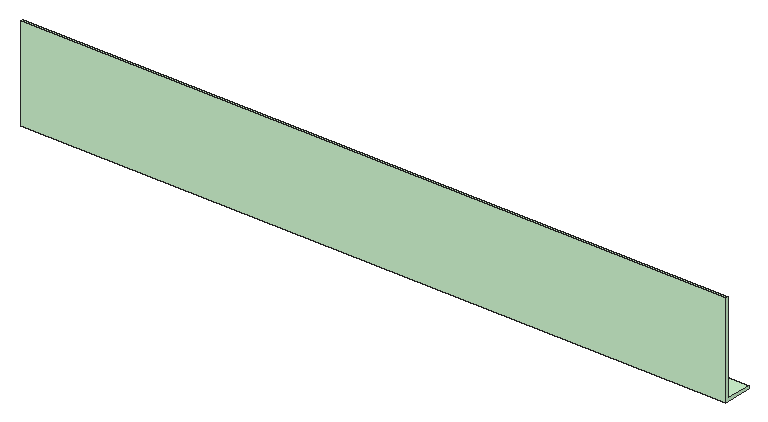
Revit family "サポートアングル", category 機械設備, Revit 2020
Family settings
  丸型コネクタ寸法 = 直径を使用
  種別 = なし
  パーツ タイプ = 標準
  作業面ベース = いいえ
  常に垂直 = はい
  ロード時にボイドで切り取り = いいえ
  共有 = いいえ
  部屋計算ポイント = いいえ
Parameters
  製造元 = "株式会社桐井製作所"
  既定の高さ = 0 mm
  URL = "https://www.kirii.co.jp/"
  K_外形寸法(mm) = "L-12×40×1.2"
  K_品名 = "サポートアングル"
  K_名称 = "新耐震DELTAPower天井部材"
  K_バージョン情報 = "20220131"
Reference planes
  plane 1 "中心(正面/背面)": y = 0
  plane 2: z = 0
  plane 3 "中心(左/右)": x = 0
  plane 4: x = 300
Forms (mm)
  Extrusion 1, solid
    sketch origin (0, 0, 0) x (0, 1, 0) y (0, 0, 1)
      loop
        line (0, 0) -> (12, 0) -> (12, 1.2) -> (1.2, 1.2) -> (1.2, 40) -> (0, 40) -> (0, 0)
    from 0 to 300
  Extrusion 2, void
    sketch origin (0, 0, 0) x (1, 0, 0) y (0, 1, 0)
      loop
        circle (150, 6.6) r 2.5
      loop
        circle (20, 6.6) r 2.5
      loop
        circle (280, 6.6) r 2.5
    from 0 to 1.2
Cuts and joins
  Extrusion 2 cuts Extrusion 1
Dimensions and locks
  plane 4 to plane 3 "中心(左/右)" = 300 mm
  aligned and locked: level to plane 2
  aligned and locked: plane 4 to Extrusion 1
